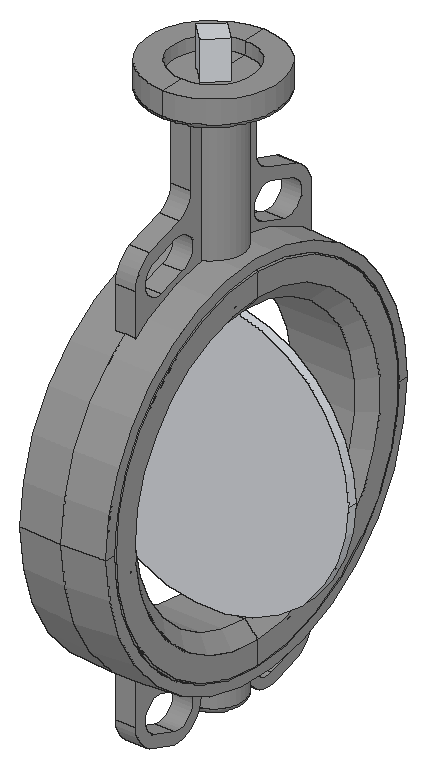
Revit family "Absperr- und Regulierklappe ZF-4219", category Rohrzubehör, Revit 2018
Family settings
  Bemaßung runder Anschluss = Durchmesser verwenden
  Teiletyp = Unterbricht
  Arbeitsebenenbasiert = Nein
  Immer vertikal = Ja
  Beim Laden mit Abzugskörper schneiden = Nein
  Gemeinsam genutzt = Nein
Parameters
  URL = "www.herz-armaturen.at"
  Spindel = "Edelstahl ASTM-A276 / Type 316"  # constant formula
  Schrauben PN16 [instance] = if(Nennweite = 50 mm, "4x M16x100", if(Nennweite = 65 mm, "4x M16x100", if(Nennweite = 80 mm, "8x M16x100", if(Nennweite = 100 mm, "8x M16x110", if(Nennweite = 125 mm, "8x M16x120", if(Nennweite = 150 mm, "8x M20x120", if(Nennweite = 200 mm, "12x M20x130", if(Nennweite = 250 mm, "12x M24x140", "12x M24x160"))))))))  # "12x M20x130"
  Schrauben PN 6 [instance] = if(Nennweite = 50 mm, "4x M12x100", if(Nennweite = 65 mm, "4x M12x100", if(Nennweite = 80 mm, "4x M16x100", if(Nennweite = 100 mm, "4x M16x100", if(Nennweite = 125 mm, "8x M16x110", if(Nennweite = 150 mm, "8x M16x110", if(Nennweite = 200 mm, "--", if(Nennweite = 250 mm, "12x M16x130", "12xM16x140"))))))))  # "--"
  Schrauben PN10 [instance] = if(Nennweite = 50 mm, "4x M16x100", if(Nennweite = 65 mm, "4x M16x100", if(Nennweite = 80 mm, "4x M16x100", if(Nennweite = 100 mm, "4x M16x110", if(Nennweite = 125 mm, "8x M16x120", if(Nennweite = 150 mm, "8x M20x120", if(Nennweite = 200 mm, "8x M20x130", if(Nennweite = 250 mm, "12x M20x130", "12x M20x150"))))))))  # "8x M20x130"
  SCTWSEQ = "FW;SBT_TYP_FW=\"101\";2"
  SCTWCODE = "04;07;02"  # constant formula
  SCRNSEQ = "ARM;ARM_TYP=\"ALLF\";2"
  SCRNCODE = "05;13;02"  # constant formula
  R_Dichtung = 1.5 mm  # constant formula
  PN16 [instance] = or(Nennweite = 50 mm, Nennweite = 65 mm, Nennweite = 80 mm, Nennweite = 100 mm, Nennweite = 125 mm, Nennweite = 150 mm, Nennweite = 200 mm, Nennweite = 250 mm, Nennweite = 300 mm)  # yes
  PN10 [instance] = or(Nennweite = 50 mm, Nennweite = 65 mm, Nennweite = 80 mm, Nennweite = 100 mm, Nennweite = 125 mm, Nennweite = 150 mm, Nennweite = 200 mm, Nennweite = 250 mm, Nennweite = 300 mm)  # yes
  PN 6 [instance] = or(Nennweite = 50 mm, Nennweite = 65 mm, Nennweite = 80 mm, Nennweite = 100 mm, Nennweite = 125 mm, Nennweite = 150 mm, Nennweite = 250 mm, Nennweite = 300 mm)  # no
  PN = 16  # constant formula
  O-Ring = "EPDM entsprechend ISO 1691"  # constant formula
  Nennweite [instance] = 200 mm
  Min. Betriebstemperatur = "-20.00 °C bei entsprechender Wasser-Glycolmischung"  # constant formula
  Medium = "Ethylen- und Propyleneglykol kann in einem Mischungsverhältnis zwischen 25 - 50 vol. [%] verwendet werden."
  Max. Betriebstemperatur = 110 °C  # constant formula
  LO1 [instance] = R05 + 10 mm  # 141 mm
  L16 [instance] = L01 - L13  # 236 mm
  L15 [instance] = L01 + L12  # 263 mm
  L14 [instance] = size_lookup("4219_ZF", "L_14", 44.4 mm, Nennweite)  # 61.5 mm
  L13 [instance] = size_lookup("4219_ZF", "L_13", 15 mm, Nennweite)  # 9 mm
  L12 [instance] = size_lookup("4219_ZF", "L_12", 15 mm, Nennweite)  # 18 mm
  L11 [instance] = size_lookup("4219_ZF", "L_11", 15 mm, Nennweite)  # 20 mm
  L10 [instance] = size_lookup("4219_ZF", "L_10", 16 mm, Nennweite)  # 16 mm
  L09 [instance] = size_lookup("4219_ZF", "L9", 29 mm, Nennweite)  # 44 mm
  L08 [instance] = size_lookup("4219_ZF", "L8", 43 mm, Nennweite)  # 60 mm
  L07 [instance] = size_lookup("4219_ZF", "L7", 3.5 mm, Nennweite)  # 4.5 mm
  L06 [instance] = size_lookup("4219_ZF", "L6", 18 mm, Nennweite)  # 32 mm
  L05 [instance] = size_lookup("4219_ZF", "L5", 35 mm, Nennweite)  # 50 mm
  L04 [instance] = size_lookup("4219_ZF", "L4", 35 mm, Nennweite)  # 17.5 mm
  L03 [instance] = size_lookup("4219_ZF", "L3", 35 mm, Nennweite)  # 152.5 mm
  L02 [instance] = size_lookup("4219_ZF", "L2", 35 mm, Nennweite)  # 109 mm
  L01 [instance] = size_lookup("4219_ZF", "L1", 35 mm, Nennweite)  # 245 mm
  Klappenscheibe = "Edelstahl 1.4408"  # constant formula
  Hersteller = "HERZ Armaturen Ges.m.b.H."  # constant formula
  Hebel DN 50-DN150 = "Stahl, ST14.03"  # constant formula
  Hebel DN200-300 = "Stahl, S235 DIN2458/1626"  # constant formula
  H [instance] = size_lookup("4219_ZF", "H1", 9 mm, Nennweite)  # 17 mm
  Gewicht in kg [instance] = size_lookup("4219_ZF", "M", 37.6, Nennweite)  # 16.6
  Gewicht [instance] = 0.00 kg
  Gehäuseauskleidung = "EPDM entsprechend ISO 1691"  # constant formula
  Gehäuse = "GG, GJL-250/JL1040, entsprechend EN1561"  # constant formula
  Einbaudatum [instance] = ""
  Drehmoment in Nm [instance] = size_lookup("4219_ZF", "NM", 350, Nennweite)  # 150
  DN300 [instance] = Nennweite = 300 mm  # no
  DN250 [instance] = Nennweite = 250 mm  # no
  DN200 [instance] = Nennweite = 200 mm  # yes
  DN150 [instance] = Nennweite = 150 mm  # no
  DN125 [instance] = Nennweite = 125 mm  # no
  DN100 [instance] = Nennweite = 100 mm  # no
  DN 80 [instance] = Nennweite = 80 mm  # no
  DN 65 [instance] = Nennweite = 65 mm  # no
  DN 50 [instance] = Nennweite = 50 mm  # no
  Chargennummer [instance] = ""
  BD [instance] = size_lookup("4219_ZF", "DB", 24 mm, Nennweite)  # 193.6 mm
  D09 [instance] = size_lookup("4219_ZF", "D9", 24 mm, Nennweite)  # 96.5 mm
  D08 [instance] = size_lookup("4219_ZF", "D8", 47 mm, Nennweite)  # 14 mm
  D07 [instance] = size_lookup("4219_ZF", "D7", 47 mm, Nennweite)  # 27.5 mm
  D06 [instance] = size_lookup("4219_ZF", "D6", 47 mm, Nennweite)  # 44 mm
  R05 [instance] = size_lookup("4219_ZF", "D5", 47 mm, Nennweite)  # 131 mm
  D05 [instance] = R05 * 2  # 262 mm
  D04 [instance] = size_lookup("4219_ZF", "D4", 41 mm, Nennweite)  # 124 mm
  D03 [instance] = size_lookup("4219_ZF", "D3", 35.5 mm, Nennweite)  # 116.5 mm
  R01 [instance] = size_lookup("4219_ZF", "D1", 28 mm, Nennweite)  # 103.5 mm
  R02 [instance] = size_lookup("4219_ZF", "D2", 30 mm, Nennweite)  # 105.5 mm
  Bestellnummer [instance] = size_lookup("4219_ZF", "Artnr", 1421901, Nennweite)  # 1421927
  Anwendungsgebiet = "Geeignet für Flüssigkeiten in der Haustechnik, Kaltwasser, Heißwasser, etc."
  Anschlussflansch = "entsprechend EN1092-2"  # constant formula
Reference planes
  plane 1 "Mitte (Vorne/hinten)": y = 0
  plane 2: z = 0
  plane 3 "Mitte (Links/rechts)": x = 0
Forms (mm)
  Revolve 1, solid, material "Herz-Metall-blau", detail levels fine
    sketch origin (0, 0, 0) x (1, 0, 0) y (0, 1, 0)
      loop
        line (0, 132.724) -> (-30, 131) -> (-30, 124) -> (-22, 124) -> (-22, 116.5) -> (-23.5, 116.5)
        arc (-23.5, 116.5) -> (-24.561, 116.061) -> (-25, 115) r 1.5
        line (-25, 115) -> (-25, 105.824)
        arc (-25, 105.824) -> (-24.729, 104.964) -> (-24.013, 104.415) r 1.5
        line (-24.013, 104.415) -> (-20.5, 103.5) -> (-16, 103.5) -> (-16, 105.5) -> (16, 105.5) -> (16, 103.5) -> (20.5, 103.5) -> (24.013, 104.415)
        arc (24.013, 104.415) -> (24.729, 104.964) -> (25, 105.824) r 1.5
        line (25, 105.824) -> (25, 115)
        arc (25, 115) -> (24.561, 116.061) -> (23.5, 116.5) r 1.5
        line (23.5, 116.5) -> (22, 116.5) -> (22, 124) -> (30, 124) -> (30, 131) -> (0, 132.724)
      axis (30, 0) -> (-30, 0)
    angle from 0 to 360
  Extrusion 2, solid, material "Herz-Metall-blau", visible <- "DN 50", detail levels fine
    sketch origin (0, 0, 0) x (0, 1, 0) y (0, 0, 1)
      loop
        line (20, 54.051) -> (20.008, 111.113) -> (16.897, 110.952)
        arc (16.897, 110.952) -> (15.55, 110.331) -> (15, 108.954) r 2
        line (15, 108.954) -> (15, 44.542)
        arc (15, 44.542) -> (31.465, 34.913) -> (42.748, 19.534) r 47
        arc (42.748, 19.534) -> (42.633, 20.873) -> (43.392, 21.983) r 2
        line (43.392, 21.983) -> (54.714, 30.209)
        arc (54.714, 30.209) -> (56.569, 56.569) -> (30.209, 54.714) r 17.5
        line (30.209, 54.714) -> (27.87, 51.494)
        arc (27.87, 51.494) -> (23.006, 49.914) -> (20, 54.051) r 4.35
      loop
        arc (32.065, 41.998) -> (33.588, 33.588) -> (41.998, 32.065) r 7.5
        line (41.998, 32.065) -> (48.502, 35.17)
        arc (48.502, 35.17) -> (51.265, 51.265) -> (35.17, 48.502) r 10
        line (35.17, 48.502) -> (32.065, 41.998)
      loop
        arc (-20, 54.051) -> (-23.006, 49.914) -> (-27.87, 51.494) r 4.35
        line (-27.87, 51.494) -> (-30.209, 54.714)
        arc (-30.209, 54.714) -> (-56.569, 56.569) -> (-54.714, 30.209) r 17.5
        line (-54.714, 30.209) -> (-43.392, 21.983)
        arc (-43.392, 21.983) -> (-42.633, 20.873) -> (-42.748, 19.534) r 2
        arc (-42.748, 19.534) -> (-31.465, 34.913) -> (-15, 44.542) r 47
        line (-15, 44.542) -> (-15, 108.954)
        arc (-15, 108.954) -> (-15.55, 110.331) -> (-16.897, 110.952) r 2
        line (-16.897, 110.952) -> (-20.008, 111.113) -> (-20, 54.051)
      loop
        line (-32.065, 41.998) -> (-35.17, 48.502)
        arc (-35.17, 48.502) -> (-51.265, 51.265) -> (-48.502, 35.17) r 10
        line (-48.502, 35.17) -> (-41.998, 32.065)
        arc (-41.998, 32.065) -> (-33.588, 33.588) -> (-32.065, 41.998) r 7.5
      loop
        line (32.065, -41.998) -> (35.17, -48.502)
        arc (35.17, -48.502) -> (51.265, -51.265) -> (48.502, -35.17) r 10
        line (48.502, -35.17) -> (41.998, -32.065)
        arc (41.998, -32.065) -> (33.588, -33.588) -> (32.065, -41.998) r 7.5
      loop
        line (54.714, -30.209) -> (43.392, -21.983)
        arc (43.392, -21.983) -> (42.633, -20.873) -> (42.748, -19.534) r 2
        arc (42.748, -19.534) -> (33.234, -33.234) -> (19.534, -42.748) r 47
        arc (19.534, -42.748) -> (20.873, -42.633) -> (21.983, -43.392) r 2
        line (21.983, -43.392) -> (30.209, -54.714)
        arc (30.209, -54.714) -> (56.569, -56.569) -> (54.714, -30.209) r 17.5
      loop
        arc (-32.065, -41.998) -> (-33.588, -33.588) -> (-41.998, -32.065) r 7.5
        line (-41.998, -32.065) -> (-48.502, -35.17)
        arc (-48.502, -35.17) -> (-51.265, -51.265) -> (-35.17, -48.502) r 10
        line (-35.17, -48.502) -> (-32.065, -41.998)
      loop
        arc (-54.714, -30.209) -> (-56.569, -56.569) -> (-30.209, -54.714) r 17.5
        line (-30.209, -54.714) -> (-21.983, -43.392)
        arc (-21.983, -43.392) -> (-20.873, -42.633) -> (-19.534, -42.748) r 2
        arc (-19.534, -42.748) -> (-33.234, -33.234) -> (-42.748, -19.534) r 47
        arc (-42.748, -19.534) -> (-42.633, -20.873) -> (-43.392, -21.983) r 2
        line (-43.392, -21.983) -> (-54.714, -30.209)
    from -4.5 to 4.5
  Extrusion 3, solid, material "Herz-Metall-blau", visible <- "DN 65", detail levels fine
    sketch origin (0, 0, 0) x (0, 1, 0) y (0, 0, 1)
      loop
        arc (51.659, 21.619) -> (51.541, 22.778) -> (52.089, 23.805) r 2
        line (52.089, 23.805) -> (65.407, 37.123)
        arc (65.407, 37.123) -> (65.407, 65.407) -> (37.123, 65.407) r 20
        line (37.123, 65.407) -> (29.414, 57.699)
        arc (29.414, 57.699) -> (27.235, 57.265) -> (26, 59.113) r 2
        line (26, 59.113) -> (26, 136.154) -> (19.897, 135.838)
        arc (19.897, 135.838) -> (18.55, 135.218) -> (18, 133.841) r 2
        line (18, 133.841) -> (18, 53.028)
        arc (18, 53.028) -> (38.206, 40.942) -> (51.659, 21.619) r 56
      loop
        arc (55.637, 42.831) -> (57.983, 57.983) -> (42.831, 55.637) r 9.5
        line (42.831, 55.637) -> (39.647, 48.983)
        arc (39.647, 48.983) -> (41.012, 41.012) -> (48.983, 39.647) r 7
        line (48.983, 39.647) -> (55.637, 42.831)
      loop
        arc (51.659, -21.619) -> (39.598, -39.598) -> (21.619, -51.659) r 56
        arc (21.619, -51.659) -> (22.778, -51.541) -> (23.805, -52.089) r 2
        line (23.805, -52.089) -> (37.123, -65.407)
        arc (37.123, -65.407) -> (65.407, -65.407) -> (65.407, -37.123) r 20
        line (65.407, -37.123) -> (52.089, -23.805)
        arc (52.089, -23.805) -> (51.541, -22.778) -> (51.659, -21.619) r 2
      loop
        line (55.637, -42.831) -> (48.983, -39.647)
        arc (48.983, -39.647) -> (41.012, -41.012) -> (39.647, -48.983) r 7
        line (39.647, -48.983) -> (42.831, -55.637)
        arc (42.831, -55.637) -> (57.983, -57.983) -> (55.637, -42.831) r 9.5
      loop
        arc (-51.659, -21.619) -> (-51.541, -22.778) -> (-52.089, -23.805) r 2
        line (-52.089, -23.805) -> (-65.407, -37.123)
        arc (-65.407, -37.123) -> (-65.407, -65.407) -> (-37.123, -65.407) r 20
        line (-37.123, -65.407) -> (-23.805, -52.089)
        arc (-23.805, -52.089) -> (-22.778, -51.541) -> (-21.619, -51.659) r 2
        arc (-21.619, -51.659) -> (-39.598, -39.598) -> (-51.659, -21.619) r 56
      loop
        arc (-55.637, -42.831) -> (-57.983, -57.983) -> (-42.831, -55.637) r 9.5
        line (-42.831, -55.637) -> (-39.647, -48.983)
        arc (-39.647, -48.983) -> (-41.012, -41.012) -> (-48.983, -39.647) r 7
        line (-48.983, -39.647) -> (-55.637, -42.831)
      loop
        arc (-51.659, 21.619) -> (-38.206, 40.942) -> (-18, 53.028) r 56
        line (-18, 53.028) -> (-18, 133.838)
        arc (-18, 133.838) -> (-18.55, 135.215) -> (-19.897, 135.835) r 2
        line (-19.897, 135.835) -> (-26, 136.151) -> (-26, 59.113)
        arc (-26, 59.113) -> (-27.235, 57.265) -> (-29.414, 57.699) r 2
        line (-29.414, 57.699) -> (-37.123, 65.407)
        arc (-37.123, 65.407) -> (-65.407, 65.407) -> (-65.407, 37.123) r 20
        line (-65.407, 37.123) -> (-52.089, 23.805)
        arc (-52.089, 23.805) -> (-51.541, 22.778) -> (-51.659, 21.619) r 2
      loop
        line (-55.637, 42.831) -> (-48.983, 39.647)
        arc (-48.983, 39.647) -> (-41.012, 41.012) -> (-39.647, 48.983) r 7
        line (-39.647, 48.983) -> (-42.831, 55.637)
        arc (-42.831, 55.637) -> (-57.983, 57.983) -> (-55.637, 42.831) r 9.5
    from -4.5 to 4.5
  Extrusion 4, solid, material "Herz-Metall-blau", visible <- "DN 80", detail levels fine
    sketch origin (0, 0, 0) x (0, 1, 0) y (0, 0, 1)
      loop
        line (26, 143.161) -> (20.397, 142.871)
        arc (20.397, 142.871) -> (19.05, 142.251) -> (18.5, 140.874) r 2
        line (18.5, 140.874) -> (18.5, 62.833)
        arc (18.5, 62.833) -> (41.296, 50.842) -> (57.706, 30.989) r 65.5
        arc (57.706, 30.989) -> (57.482, 32.176) -> (57.983, 33.275) r 2
        line (57.983, 33.275) -> (67.23, 43.52)
        arc (67.23, 43.52) -> (70.328, 54.798) -> (65.407, 65.407) r 17
        line (65.407, 65.407) -> (42.005, 86.53)
        arc (42.005, 86.53) -> (37.832, 89.302) -> (33.031, 90.738) r 17
        arc (33.031, 90.738) -> (27.974, 93.895) -> (26, 99.52) r 9
        line (26, 99.52) -> (26, 143.161)
      loop
        circle (30.615, 73.91) r 9.5
      loop
        circle (53.387, 53.387) r 9.5
      loop
        arc (57.706, -30.989) -> (41.296, -50.842) -> (18.5, -62.833) r 65.5
        line (18.5, -62.833) -> (18.5, -85.837)
        arc (18.5, -85.837) -> (30.113, -90.903) -> (42.005, -86.53) r 17
        line (42.005, -86.53) -> (65.407, -65.407)
        arc (65.407, -65.407) -> (70.328, -54.798) -> (67.23, -43.52) r 17
        line (67.23, -43.52) -> (57.983, -33.275)
        arc (57.983, -33.275) -> (57.482, -32.176) -> (57.706, -30.989) r 2
      loop
        circle (30.615, -73.91) r 9.5
      loop
        circle (53.387, -53.387) r 9.5
      loop
        arc (-57.706, -30.989) -> (-57.482, -32.176) -> (-57.983, -33.275) r 2
        line (-57.983, -33.275) -> (-67.23, -43.52)
        arc (-67.23, -43.52) -> (-70.328, -54.798) -> (-65.407, -65.407) r 17
        line (-65.407, -65.407) -> (-42.005, -86.53)
        arc (-42.005, -86.53) -> (-30.113, -90.903) -> (-18.5, -85.837) r 17
        line (-18.5, -85.837) -> (-18.5, -62.833)
        arc (-18.5, -62.833) -> (-41.296, -50.842) -> (-57.706, -30.989) r 65.5
      loop
        circle (-30.615, -73.91) r 9.5
      loop
        circle (-53.387, -53.387) r 9.5
      loop
        line (-26, 143.179) -> (-26, 99.52)
        arc (-26, 99.52) -> (-27.974, 93.895) -> (-33.031, 90.738) r 9
        arc (-33.031, 90.738) -> (-37.832, 89.302) -> (-42.005, 86.53) r 17
        line (-42.005, 86.53) -> (-65.407, 65.407)
        arc (-65.407, 65.407) -> (-70.328, 54.798) -> (-67.23, 43.52) r 17
        line (-67.23, 43.52) -> (-57.983, 33.275)
        arc (-57.983, 33.275) -> (-57.482, 32.176) -> (-57.706, 30.989) r 2
        arc (-57.706, 30.989) -> (-41.296, 50.842) -> (-18.5, 62.833) r 65.5
        line (-18.5, 62.833) -> (-18.5, 140.891)
        arc (-18.5, 140.891) -> (-19.05, 142.268) -> (-20.397, 142.888) r 2
        line (-20.397, 142.888) -> (-26, 143.179)
      loop
        circle (-30.615, 73.91) r 9.5
      loop
        circle (-53.387, 53.387) r 9.5
    from -4.5 to 4.5
  Extrusion 5, solid, material "Herz-Metall-blau", visible <- "DN100", detail levels fine
    sketch origin (0, 0, 0) x (0, 1, 0) y (0, 0, 1)
      loop
        line (64.131, 38.887) -> (73.681, 49.873)
        arc (73.681, 49.873) -> (77.063, 61.29) -> (72.125, 72.125) r 17
        line (72.125, 72.125) -> (45.809, 95.79)
        arc (45.809, 95.79) -> (41.366, 98.675) -> (36.25, 100.053) r 17
        arc (36.25, 100.053) -> (28.882, 104.596) -> (26, 112.759) r 13
        line (26, 112.759) -> (26, 166.173) -> (20.397, 165.883)
        arc (20.397, 165.883) -> (19.05, 165.263) -> (18.5, 163.886) r 2
        line (18.5, 163.886) -> (18.5, 72.683)
        arc (18.5, 72.683) -> (44.637, 60.27) -> (64.131, 38.887) r 75
      loop
        circle (60.104, 60.104) r 9.5
      loop
        circle (34.442, 83.149) r 9.5
      loop
        arc (64.131, -38.887) -> (44.637, -60.27) -> (18.5, -72.683) r 75
        line (18.5, -72.683) -> (18.5, -95.329)
        arc (18.5, -95.329) -> (21.473, -95.603) -> (24.233, -96.743) r 10
        arc (24.233, -96.743) -> (35.191, -100.133) -> (45.809, -95.79) r 17
        line (45.809, -95.79) -> (72.125, -72.125)
        arc (72.125, -72.125) -> (77.063, -61.29) -> (73.681, -49.873) r 17
        line (73.681, -49.873) -> (64.131, -38.887)
      loop
        circle (60.104, -60.104) r 9.5
      loop
        circle (34.442, -83.149) r 9.5
      loop
        line (-64.131, -38.887) -> (-73.681, -49.873)
        arc (-73.681, -49.873) -> (-77.063, -61.29) -> (-72.125, -72.125) r 17
        line (-72.125, -72.125) -> (-45.809, -95.79)
        arc (-45.809, -95.79) -> (-35.191, -100.133) -> (-24.233, -96.743) r 17
        arc (-24.233, -96.743) -> (-21.473, -95.603) -> (-18.5, -95.329) r 10
        line (-18.5, -95.329) -> (-18.5, -72.683)
        arc (-18.5, -72.683) -> (-44.637, -60.27) -> (-64.131, -38.887) r 75
      loop
        circle (-60.104, -60.104) r 9.5
      loop
        circle (-34.442, -83.149) r 9.5
      loop
        arc (-64.131, 38.887) -> (-44.637, 60.27) -> (-18.5, 72.683) r 75
        line (-18.5, 72.683) -> (-18.5, 163.876)
        arc (-18.5, 163.876) -> (-19.05, 165.253) -> (-20.397, 165.873) r 2
        line (-20.397, 165.873) -> (-26, 166.164) -> (-26, 112.759)
        arc (-26, 112.759) -> (-28.882, 104.596) -> (-36.25, 100.053) r 13
        arc (-36.25, 100.053) -> (-41.366, 98.675) -> (-45.809, 95.79) r 17
        line (-45.809, 95.79) -> (-72.125, 72.125)
        arc (-72.125, 72.125) -> (-77.063, 61.29) -> (-73.681, 49.873) r 17
        line (-73.681, 49.873) -> (-64.131, 38.887)
      loop
        circle (-60.104, 60.104) r 9.5
      loop
        circle (-34.442, 83.149) r 9.5
    from -4.5 to 4.5
  Extrusion 6, solid, material "Herz-Metall-blau", visible <- "DN125", detail levels fine
    sketch origin (0, 0, 0) x (0, 1, 0) y (0, 0, 1)
      loop
        arc (75.229, 48.945) -> (74.917, 50.244) -> (75.492, 51.45) r 2
        line (75.492, 51.45) -> (82.731, 58.69)
        arc (82.731, 58.69) -> (87.711, 70.711) -> (82.731, 82.731) r 17
        line (82.731, 82.731) -> (51.291, 109.875)
        arc (51.291, 109.875) -> (46.108, 112.941) -> (40.182, 114.007) r 17
        line (40.182, 114.007) -> (38, 114.007)
        arc (38, 114.007) -> (29.515, 117.522) -> (26, 126.007) r 12
        line (26, 126.007) -> (26, 185.157) -> (20.397, 184.867)
        arc (20.397, 184.867) -> (19.05, 184.246) -> (18.5, 182.869) r 2
        line (18.5, 182.869) -> (18.5, 87.823)
        arc (18.5, 87.823) -> (50.736, 74.033) -> (75.229, 48.945) r 89.75
      loop
        circle (40.182, 97.007) r 9.5
      loop
        circle (70.711, 70.711) r 9.5
      loop
        arc (75.229, -48.945) -> (50.736, -74.033) -> (18.5, -87.823) r 89.75
        line (18.5, -87.823) -> (18.5, -108.431)
        arc (18.5, -108.431) -> (24.248, -107.655) -> (29.46, -110.2) r 10
        arc (29.46, -110.2) -> (40.434, -114.005) -> (51.291, -109.875) r 17
        line (51.291, -109.875) -> (82.731, -82.731)
        arc (82.731, -82.731) -> (87.711, -70.711) -> (82.731, -58.69) r 17
        line (82.731, -58.69) -> (75.492, -51.45)
        arc (75.492, -51.45) -> (74.917, -50.244) -> (75.229, -48.945) r 2
      loop
        circle (40.182, -97.007) r 9.5
      loop
        circle (70.711, -70.711) r 9.5
      loop
        arc (-75.229, -48.945) -> (-74.917, -50.244) -> (-75.492, -51.45) r 2
        line (-75.492, -51.45) -> (-82.731, -58.69)
        arc (-82.731, -58.69) -> (-87.711, -70.711) -> (-82.731, -82.731) r 17
        line (-82.731, -82.731) -> (-51.291, -109.875)
        arc (-51.291, -109.875) -> (-40.434, -114.005) -> (-29.46, -110.2) r 17
        arc (-29.46, -110.2) -> (-24.248, -107.655) -> (-18.5, -108.431) r 10
        line (-18.5, -108.431) -> (-18.5, -87.823)
        arc (-18.5, -87.823) -> (-50.736, -74.033) -> (-75.229, -48.945) r 89.75
      loop
        circle (-40.182, -97.007) r 9.5
      loop
        circle (-70.711, -70.711) r 9.5
      loop
        arc (-75.229, 48.945) -> (-50.736, 74.033) -> (-18.5, 87.823) r 89.75
        line (-18.5, 87.823) -> (-18.5, 182.852)
        arc (-18.5, 182.852) -> (-19.05, 184.23) -> (-20.397, 184.85) r 2
        line (-20.397, 184.85) -> (-26, 185.14) -> (-26, 126.007)
        arc (-26, 126.007) -> (-29.515, 117.522) -> (-38, 114.007) r 12
        line (-38, 114.007) -> (-40.182, 114.007)
        arc (-40.182, 114.007) -> (-46.108, 112.941) -> (-51.291, 109.875) r 17
        line (-51.291, 109.875) -> (-82.731, 82.731)
        arc (-82.731, 82.731) -> (-87.711, 70.711) -> (-82.731, 58.69) r 17
        line (-82.731, 58.69) -> (-75.492, 51.45)
        arc (-75.492, 51.45) -> (-74.917, 50.244) -> (-75.229, 48.945) r 2
      loop
        circle (-40.182, 97.007) r 9.5
      loop
        circle (-70.711, 70.711) r 9.5
    from -6 to 6
  Extrusion 7, solid, material "Herz-Metall-blau", visible <- "DN150", detail levels fine
    sketch origin (0, 0, 0) x (0, 1, 0) y (0, 0, 1)
      loop
        line (83.495, 59.454) -> (91.57, 67.529)
        arc (91.57, 67.529) -> (96.55, 79.55) -> (91.57, 91.57) r 17
        line (91.57, 91.57) -> (57.511, 123.304)
        arc (57.511, 123.304) -> (45.758, 127.865) -> (34.095, 123.077) r 17
        arc (34.095, 123.077) -> (28.976, 122.416) -> (26, 126.633) r 5
        line (26, 126.633) -> (26, 198.177) -> (20.397, 197.887)
        arc (20.397, 197.887) -> (19.05, 197.267) -> (18.5, 195.889) r 2
        line (18.5, 195.889) -> (18.5, 100.817)
        arc (18.5, 100.817) -> (55.032, 86.474) -> (83.495, 59.454) r 102.5
      loop
        circle (45.922, 110.866) r 11.5
      loop
        circle (79.55, 79.55) r 9.5
      loop
        circle (45.922, -110.866) r 11.5
      loop
        circle (79.55, -79.55) r 9.5
      loop
        line (91.57, -67.529) -> (83.495, -59.454)
        arc (83.495, -59.454) -> (55.032, -86.474) -> (18.5, -100.817) r 102.5
        line (18.5, -100.817) -> (18.5, -123.208)
        arc (18.5, -123.208) -> (19.363, -121.755) -> (21.03, -121.482) r 2
        line (21.03, -121.482) -> (42.642, -127.546)
        arc (42.642, -127.546) -> (50.587, -127.213) -> (57.511, -123.304) r 17
        line (57.511, -123.304) -> (91.57, -91.57)
        arc (91.57, -91.57) -> (96.55, -79.55) -> (91.57, -67.529) r 17
      loop
        arc (-83.495, 59.454) -> (-55.032, 86.474) -> (-18.5, 100.817) r 102.5
        line (-18.5, 100.817) -> (-18.5, 195.875)
        arc (-18.5, 195.875) -> (-19.05, 197.252) -> (-20.397, 197.872) r 2
        line (-20.397, 197.872) -> (-26, 198.163) -> (-26, 126.633)
        arc (-26, 126.633) -> (-28.976, 122.416) -> (-34.095, 123.077) r 5
        arc (-34.095, 123.077) -> (-45.758, 127.865) -> (-57.511, 123.304) r 17
        line (-57.511, 123.304) -> (-91.57, 91.57)
        arc (-91.57, 91.57) -> (-96.55, 79.55) -> (-91.57, 67.529) r 17
        line (-91.57, 67.529) -> (-83.495, 59.454)
      loop
        circle (-45.922, 110.866) r 11.5
      loop
        circle (-79.55, 79.55) r 9.5
      loop
        circle (-45.922, -110.866) r 11.5
      loop
        circle (-79.55, -79.55) r 9.5
      loop
        arc (-91.57, -67.529) -> (-96.55, -79.55) -> (-91.57, -91.57) r 17
        line (-91.57, -91.57) -> (-57.511, -123.304)
        arc (-57.511, -123.304) -> (-50.587, -127.213) -> (-42.642, -127.546) r 17
        line (-42.642, -127.546) -> (-21.03, -121.482)
        arc (-21.03, -121.482) -> (-19.363, -121.755) -> (-18.5, -123.208) r 2
        line (-18.5, -123.208) -> (-18.5, -100.817)
        arc (-18.5, -100.817) -> (-55.032, -86.474) -> (-83.495, -59.454) r 102.5
        line (-83.495, -59.454) -> (-91.57, -67.529)
    from -7 to 7
  Extrusion 8, solid, material "Herz-Metall-blau", visible <- "DN200", detail levels fine
    sketch origin (0, 0, 0) x (0, 1, 0) y (0, 0, 1)
      loop
        arc (42.048, 153.832) -> (26.654, 145.827) -> (35.349, 130.812) r 12
        line (35.349, 130.812) -> (53.31, 124.689)
        arc (53.31, 124.689) -> (67.804, 132.4) -> (61.038, 147.359) r 12
        line (61.038, 147.359) -> (42.048, 153.832)
      loop
        line (28, 226.273) -> (22.065, 226.047)
        arc (22.065, 226.047) -> (20.655, 225.469) -> (20, 224.092) r 2.114
        line (20, 224.092) -> (20, 129.471)
        arc (20, 129.471) -> (49.604, 121.273) -> (76.485, 106.406) r 130.989
        line (76.485, 106.406) -> (76.485, 136.265)
        arc (76.485, 136.265) -> (73.108, 147.391) -> (64.117, 154.764) r 20.019
        line (64.117, 154.764) -> (38.16, 163.592)
        arc (38.16, 163.592) -> (30.802, 169.06) -> (28, 177.79) r 15
        line (28, 177.79) -> (28, 226.273)
      loop
        line (42.048, -153.832) -> (61.038, -147.359)
        arc (61.038, -147.359) -> (67.804, -132.4) -> (53.31, -124.689) r 12
        line (53.31, -124.689) -> (35.349, -130.812)
        arc (35.349, -130.812) -> (26.654, -145.827) -> (42.048, -153.832) r 12
      loop
        arc (76.446, -106.382) -> (49.585, -121.253) -> (20, -129.464) r 131
        line (20, -129.464) -> (20, -141.835)
        arc (20, -141.835) -> (28.361, -158.099) -> (46.453, -160.765) r 20
        line (46.453, -160.765) -> (64.099, -154.75)
        arc (64.099, -154.75) -> (73.075, -147.384) -> (76.446, -136.272) r 20
        line (76.446, -136.272) -> (76.446, -106.382)
      loop
        arc (-42.048, -153.832) -> (-26.654, -145.827) -> (-35.349, -130.812) r 12
        line (-35.349, -130.812) -> (-53.31, -124.689)
        arc (-53.31, -124.689) -> (-67.804, -132.4) -> (-61.038, -147.359) r 12
        line (-61.038, -147.359) -> (-42.048, -153.832)
      loop
        line (-76.446, -106.382) -> (-76.446, -136.272)
        arc (-76.446, -136.272) -> (-73.075, -147.384) -> (-64.099, -154.75) r 20
        line (-64.099, -154.75) -> (-46.453, -160.765)
        arc (-46.453, -160.765) -> (-28.361, -158.099) -> (-20, -141.835) r 20
        line (-20, -141.835) -> (-20, -129.464)
        arc (-20, -129.464) -> (-49.585, -121.253) -> (-76.446, -106.382) r 131
      loop
        line (-42.048, 153.832) -> (-61.038, 147.359)
        arc (-61.038, 147.359) -> (-67.804, 132.4) -> (-53.31, 124.689) r 12
        line (-53.31, 124.689) -> (-35.349, 130.812)
        arc (-35.349, 130.812) -> (-26.654, 145.827) -> (-42.048, 153.832) r 12
      loop
        line (-28, 226.278) -> (-28, 177.79)
        arc (-28, 177.79) -> (-30.802, 169.06) -> (-38.16, 163.592) r 15
        line (-38.16, 163.592) -> (-64.117, 154.764)
        arc (-64.117, 154.764) -> (-73.108, 147.391) -> (-76.485, 136.265) r 20.019
        line (-76.485, 136.265) -> (-76.485, 106.406)
        arc (-76.485, 106.406) -> (-49.604, 121.273) -> (-20, 129.471) r 130.989
        line (-20, 129.471) -> (-20, 224.098)
        arc (-20, 224.098) -> (-20.655, 225.475) -> (-22.065, 226.053) r 2.114
        line (-22.065, 226.053) -> (-28, 226.278)
    from -7 to 7
  Extrusion 9, solid, material "Herz-Metall-blau", visible <- "DN250", detail levels fine
    sketch origin (0, 0, 0) x (0, 1, 0) y (0, 0, 1)
      loop
        arc (-95.9, 125.382) -> (-61.406, 145.382) -> (-23, 156.095) r 157.75
        line (-23, 156.095) -> (-23, 258.814)
        arc (-23, 258.814) -> (-23.588, 260.113) -> (-24.893, 260.69) r 2
        line (-24.893, 260.69) -> (-32, 261.058) -> (-32, 187.712)
        arc (-32, 187.712) -> (-33.507, 185.205) -> (-36.428, 185.359) r 2.84
        arc (-36.428, 185.359) -> (-43.951, 188.152) -> (-51.918, 187.184) r 17
        line (-51.918, 187.184) -> (-97.072, 155.872)
        arc (-97.072, 155.872) -> (-100.207, 149.167) -> (-100.195, 141.765) r 17
        line (-100.195, 141.765) -> (-95.9, 125.382)
      loop
        circle (-83.608, 145.492) r 9.5
      loop
        circle (-45.549, 171.269) r 14
      loop
        arc (96.192, -125.349) -> (61.575, -145.51) -> (23, -156.317) r 157.999
        line (23, -156.317) -> (23, -181.388) -> (27.217, -181.388)
        arc (27.217, -181.388) -> (30.142, -181.826) -> (32.812, -183.1) r 10
        line (32.812, -183.1) -> (36.428, -185.542)
        arc (36.428, -185.542) -> (44.468, -188.388) -> (52.878, -186.972) r 17
        line (52.878, -186.972) -> (97.463, -155.872)
        arc (97.463, -155.872) -> (100.598, -149.167) -> (100.586, -141.765) r 17
        line (100.586, -141.765) -> (96.192, -125.349)
      loop
        circle (84, -145.492) r 9.5
      loop
        circle (45.94, -171.452) r 14
      loop
        line (-96.192, -125.349) -> (-100.586, -141.765)
        arc (-100.586, -141.765) -> (-100.598, -149.167) -> (-97.463, -155.872) r 17
        line (-97.463, -155.872) -> (-52.878, -186.972)
        arc (-52.878, -186.972) -> (-44.468, -188.388) -> (-36.428, -185.542) r 17
        line (-36.428, -185.542) -> (-32.812, -183.1)
        arc (-32.812, -183.1) -> (-30.142, -181.826) -> (-27.217, -181.388) r 10
        line (-27.217, -181.388) -> (-23, -181.388) -> (-23, -156.317)
        arc (-23, -156.317) -> (-61.575, -145.51) -> (-96.192, -125.349) r 157.999
      loop
        circle (-84, -145.492) r 9.5
      loop
        circle (-45.94, -171.452) r 14
      loop
        line (95.9, 125.2) -> (100.195, 141.582)
        arc (100.195, 141.582) -> (100.207, 148.984) -> (97.072, 155.689) r 17
        line (97.072, 155.689) -> (51.919, 187.036)
        arc (51.919, 187.036) -> (43.952, 188.006) -> (36.428, 185.212) r 17
        arc (36.428, 185.212) -> (33.507, 185.058) -> (32, 187.566) r 2.84
        line (32, 187.566) -> (32, 261.045) -> (24.893, 260.677)
        arc (24.893, 260.677) -> (23.588, 260.1) -> (23, 258.801) r 2
        line (23, 258.801) -> (23, 155.948)
        arc (23, 155.948) -> (61.411, 145.223) -> (95.9, 125.2) r 157.605
      loop
        circle (83.608, 145.31) r 9.5
      loop
        circle (45.549, 171.122) r 14
    from -9 to 9
  Extrusion 10, solid, material "Herz-Metall-blau", visible <- "DN300", detail levels fine
    sketch origin (0, 0, 0) x (0, 1, 0) y (0, 0, 1)
      loop
        arc (62.57, 187.834) -> (56.268, 211.23) -> (39.112, 194.12) r 14
        line (39.112, 194.12) -> (40.223, 189.928)
        arc (40.223, 189.928) -> (48.374, 181.769) -> (59.504, 184.767) r 11.5
        line (59.504, 184.767) -> (62.57, 187.834)
      loop
        circle (98.337, 170.892) r 12
      loop
        arc (113.094, 162.454) -> (114.748, 175.326) -> (106.837, 185.615) r 17
        line (106.837, 185.615) -> (61.701, 211.919)
        arc (61.701, 211.919) -> (54.44, 214.463) -> (46.806, 213.516) r 16.852
        arc (46.806, 213.516) -> (36.904, 213.681) -> (32, 222.285) r 10
        line (32, 222.285) -> (32, 286.38) -> (24.895, 286.033)
        arc (24.895, 286.033) -> (23.576, 285.442) -> (23, 284.117) r 2
        line (23, 284.117) -> (23, 181.202)
        arc (23, 181.202) -> (65.613, 170.505) -> (104.437, 149.94) r 182.63
        line (104.437, 149.94) -> (113.094, 162.454)
      loop
        line (62.984, -188.142) -> (59.917, -185.075)
        arc (59.917, -185.075) -> (48.787, -182.077) -> (40.637, -190.235) r 11.5
        line (40.637, -190.235) -> (39.525, -194.427)
        arc (39.525, -194.427) -> (56.681, -211.538) -> (62.984, -188.142) r 14
      loop
        circle (98.75, -171.04) r 12
      loop
        line (113.508, -162.601) -> (104.75, -150.055)
        arc (104.75, -150.055) -> (65.787, -170.766) -> (23, -181.549) r 183
        line (23, -181.549) -> (23, -206.327)
        arc (23, -206.327) -> (24.157, -204.218) -> (26.558, -204.062) r 2.5
        line (26.558, -204.062) -> (45.918, -213.443)
        arc (45.918, -213.443) -> (53.906, -214.994) -> (61.701, -212.654) r 17
        line (61.701, -212.654) -> (107.25, -185.762)
        arc (107.25, -185.762) -> (115.162, -175.474) -> (113.508, -162.601) r 17
      loop
        arc (-62.984, -188.142) -> (-56.681, -211.538) -> (-39.525, -194.427) r 14
        line (-39.525, -194.427) -> (-40.637, -190.235)
        arc (-40.637, -190.235) -> (-48.787, -182.077) -> (-59.917, -185.075) r 11.5
        line (-59.917, -185.075) -> (-62.984, -188.142)
      loop
        circle (-98.75, -171.04) r 12
      loop
        arc (-113.508, -162.601) -> (-115.162, -175.474) -> (-107.25, -185.762) r 17
        line (-107.25, -185.762) -> (-61.701, -212.654)
        arc (-61.701, -212.654) -> (-53.906, -214.994) -> (-45.918, -213.443) r 17
        line (-45.918, -213.443) -> (-26.558, -204.062)
        arc (-26.558, -204.062) -> (-24.157, -204.218) -> (-23, -206.327) r 2.5
        line (-23, -206.327) -> (-23, -181.549)
        arc (-23, -181.549) -> (-65.787, -170.766) -> (-104.75, -150.055) r 183
        line (-104.75, -150.055) -> (-113.508, -162.601)
      loop
        line (-62.574, 188.142) -> (-59.508, 185.075)
        arc (-59.508, 185.075) -> (-48.378, 182.077) -> (-40.227, 190.235) r 11.5
        line (-40.227, 190.235) -> (-39.116, 194.427)
        arc (-39.116, 194.427) -> (-56.272, 211.538) -> (-62.574, 188.142) r 14
      loop
        circle (-98.34, 171.04) r 12
      loop
        line (-113.098, 162.601) -> (-104.44, 150.087)
        arc (-104.44, 150.087) -> (-65.611, 170.637) -> (-23, 181.326) r 182.753
        line (-23, 181.326) -> (-23, 284.115)
        arc (-23, 284.115) -> (-23.577, 285.441) -> (-24.896, 286.032) r 2
        line (-24.896, 286.032) -> (-32, 286.379) -> (-32, 222.593)
        arc (-32, 222.593) -> (-37.217, 213.811) -> (-47.425, 214.193) r 10
        arc (-47.425, 214.193) -> (-54.523, 214.911) -> (-61.291, 212.654) r 17
        line (-61.291, 212.654) -> (-106.84, 185.762)
        arc (-106.84, 185.762) -> (-114.752, 175.474) -> (-113.098, 162.601) r 17
    from -9 to 9
  Revolve 11, solid, material "Herz-Metall-blau"
    sketch origin (0, 0, 0) x (0, 1, 0) y (0, 0, 1)
      loop
        line (0, -131) -> (0, -152.5) -> (17, -152.5)
        arc (17, -152.5) -> (19.121, -151.621) -> (20, -149.5) r 3
        line (20, -149.5) -> (20, -129.464)
        arc (20, -129.464) -> (10.029, -130.616) -> (0, -131) r 131
      axis (0, -129.464) -> (0, -152.5)
    angle from 0 to 360
  Revolve 12, solid, material "Herz-Metall-blau"
    sketch origin (0, 0, 0) x (0, 1, 0) y (0, 0, 1)
      loop
        line (0, 236) -> (0, 131)
        arc (0, 131) -> (10.029, 130.616) -> (20, 129.464) r 131
        line (20, 129.464) -> (20, 223.944)
        arc (20, 223.944) -> (20.549, 225.32) -> (21.895, 225.941) r 2
        line (21.895, 225.941) -> (42.105, 227)
        arc (42.105, 227) -> (43.451, 227.621) -> (44, 228.997) r 2
        line (44, 228.997) -> (44, 245) -> (27.5, 245) -> (27.5, 236) -> (0, 236)
      axis (0, 245) -> (0, 129.464)
    angle from 0 to 360
  Revolve 13, solid, material "Gummi"
    sketch origin (0, 0, 0) x (1, 0, 0) y (0, 0, 1)
      loop
        arc (-29.258, 124) -> (-30.313, 123.563) -> (-30.75, 122.508) r 1.492
        line (-30.75, 122.508) -> (-30.75, 105.718) -> (-22, 96.5) -> (22, 96.5) -> (30.75, 106.945) -> (30.75, 123)
        arc (30.75, 123) -> (30.457, 123.707) -> (29.75, 124) r 1
        line (29.75, 124) -> (22, 124) -> (22, 116.5) -> (23.5, 116.5)
        arc (23.5, 116.5) -> (24.561, 116.061) -> (25, 115) r 1.5
        line (25, 115) -> (25, 105.988)
        arc (25, 105.988) -> (24.622, 104.993) -> (23.68, 104.499) r 1.5
        line (23.68, 104.499) -> (20.5, 103.5) -> (16.527, 103.5) -> (16.527, 105.5) -> (-15.473, 105.5) -> (-15.473, 103.5) -> (-20.5, 103.5) -> (-23.68, 104.499)
        arc (-23.68, 104.499) -> (-24.622, 104.993) -> (-25, 105.988) r 1.5
        line (-25, 105.988) -> (-25, 115)
        arc (-25, 115) -> (-24.561, 116.061) -> (-23.5, 116.5) r 1.5
        line (-23.5, 116.5) -> (-22, 116.5) -> (-22, 124) -> (-29.258, 124)
      axis (-30.75, 0) -> (30.75, 0)
    angle from 0 to 360
  Extrusion 14, solid, detail levels fine
    sketch origin (0, 0, 0) x (1, 0, 0) y (0, 0, 1)
      loop
        circle (0, 0) r 96.8
    from -3 to 3
  Extrusion 15, solid, detail levels fine
    sketch origin (0, 0, 0) x (1, 0, 0) y (0, 1, 0)
      loop
        line (0, 12.021) -> (-12.021, 0) -> (0, -12.021) -> (12.021, 0) -> (0, 12.021)
    from 236 <- "L16" to 263 <- "L15"
Lines and regions (mm)
  model lines, detail levels coarse+medium
    curve 1: line (-30, 131, 0) -> (30, 131, 0)
    curve 2: line (-30, -131, 0) -> (-30, 131, 0)
    curve 3: line (30, -131, 0) -> (-30, -131, 0)
    curve 4: line (30, 131, 0) -> (30, -131, 0)
    curve 5: line (-30, 131, 0) -> (30, -131, 0)
    curve 6: circle (0, 0, 0) r 5 normal (0, 0, 1)
    curve 7: line (-30, 0, 131) -> (30, 0, 131)
    curve 8: line (-30, 0, -131) -> (-30, 0, 131)
    curve 9: line (30, 0, -131) -> (-30, 0, -131)
    curve 10: line (30, 0, 131) -> (30, 0, -131)
    curve 11: line (-30, 0, 131) -> (30, 0, -131)
    curve 12: circle (0, 0, 0) r 7 normal (0, -1, 0)
Dimensions and locks
  "L08": Revolve 1 sketch curve to Revolve 1 sketch curve
  equal spacing: Revolve 1 sketch curve, plane 3 "Mitte (Links/rechts)", Revolve 1 sketch curve  (x4)
  "L07": Revolve 1 sketch curve to Revolve 1 sketch curve  (x2)
  "L06": Revolve 1 sketch curve to Revolve 1 sketch curve
  "L05": Revolve 1 sketch curve to Revolve 1 sketch curve
  "L09": Revolve 1 sketch curve to Revolve 1 sketch curve
  "R05": plane 1 "Mitte (Vorne/hinten)" to Revolve 1 sketch curve  (x2)
  "D04": plane 1 "Mitte (Vorne/hinten)" to Revolve 1 sketch curve  (x2)
  "D03": plane 1 "Mitte (Vorne/hinten)" to Revolve 1 sketch curve  (x2)
  "R01": plane 1 "Mitte (Vorne/hinten)" to Revolve 1 sketch curve  (x2)
  "R02": plane 1 "Mitte (Vorne/hinten)" to Revolve 1 sketch curve
  equal spacing: curve 2, plane 3 "Mitte (Links/rechts)", curve 4
  equal spacing: curve 3, plane 1 "Mitte (Vorne/hinten)", curve 1
  "L08": curve 2 to curve 4
  "D05": curve 3 to curve 1
  equal spacing: curve 10, plane 3 "Mitte (Links/rechts)", curve 8
  equal spacing: curve 7, level, curve 9
  "D05": curve 7 to curve 9
  "L08": curve 8 to curve 10
  "L11": Revolve 11 sketch curve to plane 1 "Mitte (Vorne/hinten)"
  "L03": level to Revolve 11 sketch curve
  "R05": level to Revolve 11 sketch curve
  "R05": Revolve 12 sketch curve to curve 2
  "L11": Revolve 12 sketch curve to plane 1 "Mitte (Vorne/hinten)"
  "L01": Revolve 12 sketch curve to level
  "L12": Revolve 12 sketch curve to Revolve 12 sketch curve
  "L13": Revolve 12 sketch curve to Revolve 12 sketch curve
  "D07": Revolve 12 sketch curve to Revolve 12 sketch curve
  "D06": Revolve 12 sketch curve to Revolve 12 sketch curve
  Extrusion 10 sketch curve to plane 1 "Mitte (Vorne/hinten)" to Extrusion 10 sketch curve = 23 mm, 23 mm
  equal spacing: Extrusion 10 sketch curve, plane 1 "Mitte (Vorne/hinten)", Extrusion 10 sketch curve
  Extrusion 10 sketch curve to Extrusion 10 sketch curve = 64 mm
  Extrusion 9 sketch curve to plane 1 "Mitte (Vorne/hinten)" to Extrusion 9 sketch curve = 23 mm, 23 mm
  Extrusion 9 sketch curve to plane 1 "Mitte (Vorne/hinten)" to Extrusion 9 sketch curve = 32 mm, 32 mm
  Extrusion 8 sketch curve to Extrusion 8 sketch curve = 56 mm
  equal spacing: Extrusion 8 sketch curve, plane 1 "Mitte (Vorne/hinten)", Extrusion 8 sketch curve
  Extrusion 8 sketch curve to plane 1 "Mitte (Vorne/hinten)" to Extrusion 8 sketch curve = 20 mm, 20 mm
  equal spacing: Extrusion 7 sketch curve, plane 1 "Mitte (Vorne/hinten)", Extrusion 7 sketch curve
  Extrusion 7 sketch curve to Extrusion 7 sketch curve = 52 mm
  equal spacing: Extrusion 6 sketch curve, plane 1 "Mitte (Vorne/hinten)", Extrusion 6 sketch curve
  "R02": Revolve 13 sketch curve to curve 3
  "D04": Revolve 13 sketch curve to level  (x2)
  "L14": Revolve 13 sketch curve to Revolve 13 sketch curve
  "D09": Revolve 13 sketch curve to level
  "D03": Revolve 13 sketch curve to level  (x2)
  "R01": Revolve 13 sketch curve to level  (x2)
  "L09": Revolve 13 sketch curve to Revolve 13 sketch curve  (x2)
  "L06": Revolve 13 sketch curve to Revolve 13 sketch curve
  "L05": Revolve 13 sketch curve to Revolve 13 sketch curve
  equal spacing: Revolve 13 sketch curve, plane 3 "Mitte (Links/rechts)", Revolve 13 sketch curve  (x4)
  "L07": Revolve 13 sketch curve to Revolve 13 sketch curve  (x2)
  equal spacing: Extrusion 15 sketch curve, plane 3 "Mitte (Links/rechts)", Extrusion 15 sketch curve  (x2)
  "H": Extrusion 15 sketch curve to Extrusion 15 sketch curve  (x2)
  "L11": nested 1 to plane 3 "Mitte (Links/rechts)"
  "LO1": plane 2 to nested 1
  "R05": radius of Revolve 11 sketch curve
  "R05": radius of Revolve 12 sketch curve
  "R_Dichtung": radius of Revolve 13 sketch curve  (x4)
  "BD": diameter of Extrusion 14 sketch curve
  angle Revolve 1 sketch curve to Revolve 1 sketch curve = 93.2891°  (x2)
  angle Revolve 12 sketch curve to Revolve 12 sketch curve = 93.00°
  angle plane 3 "Mitte (Links/rechts)" to Extrusion 15 sketch curve = 45.00°
  angle Extrusion 15 sketch curve to plane 3 "Mitte (Links/rechts)" = 45.00°
  aligned and locked: level to plane 2
Automatic sketch dimensions
  Extrusion 2 sketch curve to Extrusion 2 sketch curve = 0 mm  (x28)
  Extrusion 2 sketch curve to level = 0 mm
  Extrusion 2 sketch curve to plane 1 "Mitte (Vorne/hinten)" = 0 mm
  plane 1 "Mitte (Vorne/hinten)" to Extrusion 2 sketch curve = 15 mm
  Extrusion 2 sketch curve to Extrusion 2 sketch curve = 1.897 mm  (x2)
  Extrusion 2 sketch curve to Extrusion 2 sketch curve = 0.103 mm  (x2)
  Extrusion 2 sketch curve to Extrusion 2 sketch curve = 5 mm  (x2)
  Extrusion 2 sketch curve to Extrusion 2 sketch curve = 3.111 mm  (x2)
  plane 1 "Mitte (Vorne/hinten)" to Extrusion 2 sketch curve = 20.365 mm
  Extrusion 2 sketch curve to Extrusion 2 sketch curve = 1.618 mm  (x6)
  Extrusion 2 sketch curve to Extrusion 2 sketch curve = 4.35 mm  (x2)
  Extrusion 2 sketch curve to Extrusion 2 sketch curve = 3.519 mm  (x2)
  Extrusion 2 sketch curve to Extrusion 2 sketch curve = 2.34 mm  (x2)
  Extrusion 2 sketch curve to Extrusion 2 sketch curve = 8.226 mm  (x6)
  Extrusion 2 sketch curve to Extrusion 2 sketch curve = 10.081 mm  (x6)
  Extrusion 2 sketch curve to Extrusion 2 sketch curve = 4.195 mm  (x2)
  Extrusion 2 sketch curve to Extrusion 2 sketch curve = 3.105 mm  (x8)
  Extrusion 2 sketch curve to Extrusion 2 sketch curve = 6.826 mm  (x8)
  Extrusion 2 sketch curve to Extrusion 2 sketch curve = 3.107 mm  (x4)
  Extrusion 2 sketch curve to Extrusion 2 sketch curve = 1.394 mm  (x6)
  Extrusion 2 sketch curve to Extrusion 2 sketch curve = 5.303 mm  (x8)
  Extrusion 2 sketch curve to Extrusion 2 sketch curve = 1.176 mm  (x6)
  Extrusion 2 sketch curve to Extrusion 2 sketch curve = 6.505 mm  (x4)
  Extrusion 2 sketch curve to Extrusion 2 sketch curve = 6.212 mm  (x4)
  Extrusion 2 sketch curve to plane 1 "Mitte (Vorne/hinten)" = 15 mm
  Extrusion 2 sketch curve to plane 1 "Mitte (Vorne/hinten)" = 20.365 mm
  Extrusion 2 sketch curve to level = 20.365 mm  (x2)
  level to Extrusion 2 sketch curve = 20.365 mm  (x2)
  Extrusion 2 sketch curve to Extrusion 2 sketch curve = 2.545 mm  (x2)
  Extrusion 2 sketch curve to Extrusion 2 sketch curve = 3.22 mm  (x2)
  Extrusion 2 sketch curve to Extrusion 2 sketch curve = 2.557 mm  (x2)
  Extrusion 2 sketch curve to Extrusion 2 sketch curve = 54.903 mm
  Extrusion 2 sketch curve to Extrusion 2 sketch curve = 0.161 mm  (x2)
  Extrusion 2 sketch curve to Extrusion 2 sketch curve = 0.831 mm  (x2)
  Extrusion 2 sketch curve to Extrusion 2 sketch curve = 1.819 mm  (x2)
  Extrusion 10 sketch curve to Extrusion 10 sketch curve = 0 mm  (x23)
  Extrusion 10 sketch curve to level = 0 mm
  Extrusion 10 sketch curve to plane 1 "Mitte (Vorne/hinten)" = 0 mm
  Extrusion 10 sketch curve to Extrusion 10 sketch curve = 1.896 mm
  Extrusion 10 sketch curve to Extrusion 10 sketch curve = 1.998 mm
  plane 1 "Mitte (Vorne/hinten)" to Extrusion 10 sketch curve = 25.5 mm
  Extrusion 10 sketch curve to Extrusion 10 sketch curve = 1.058 mm  (x2)
  Extrusion 10 sketch curve to Extrusion 10 sketch curve = 16.116 mm
  Extrusion 10 sketch curve to Extrusion 10 sketch curve = 12.968 mm
  Extrusion 10 sketch curve to Extrusion 10 sketch curve = 10 mm  (x2)
  Extrusion 10 sketch curve to Extrusion 10 sketch curve = 6.393 mm  (x2)
  Extrusion 10 sketch curve to Extrusion 10 sketch curve = 12.239 mm  (x4)
  Extrusion 10 sketch curve to Extrusion 10 sketch curve = 1.294 mm  (x4)
  Extrusion 10 sketch curve to Extrusion 10 sketch curve = 8.643 mm
  Extrusion 10 sketch curve to Extrusion 10 sketch curve = 15.783 mm  (x2)
  Extrusion 10 sketch curve to Extrusion 10 sketch curve = 11.22 mm  (x3)
  Extrusion 10 sketch curve to Extrusion 10 sketch curve = 35.766 mm  (x3)
  Extrusion 10 sketch curve to Extrusion 10 sketch curve = 6 mm  (x2)
  Extrusion 10 sketch curve to Extrusion 10 sketch curve = 6.1 mm
  Extrusion 10 sketch curve to Extrusion 10 sketch curve = 8.5 mm  (x4)
  Extrusion 10 sketch curve to Extrusion 10 sketch curve = 8.658 mm
  Extrusion 10 sketch curve to Extrusion 10 sketch curve = 8.758 mm  (x2)
  Extrusion 10 sketch curve to Extrusion 10 sketch curve = 16.525 mm
  level to Extrusion 10 sketch curve = 0.006 mm  (x2)
  plane 1 "Mitte (Vorne/hinten)" to Extrusion 10 sketch curve = 0.16 mm
  Extrusion 10 sketch curve to plane 1 "Mitte (Vorne/hinten)" = 0.161 mm
  Extrusion 10 sketch curve to plane 1 "Mitte (Vorne/hinten)" = 23 mm
  Extrusion 10 sketch curve to Extrusion 10 sketch curve = 1.895 mm
  Extrusion 10 sketch curve to Extrusion 10 sketch curve = 0.103 mm
  Extrusion 10 sketch curve to Extrusion 10 sketch curve = 2.5 mm
  Extrusion 10 sketch curve to Extrusion 10 sketch curve = 14.025 mm
  Extrusion 10 sketch curve to Extrusion 10 sketch curve = 16.112 mm
  Extrusion 10 sketch curve to Extrusion 10 sketch curve = 46.986 mm
  Extrusion 10 sketch curve to Extrusion 10 sketch curve = 6.101 mm
  Extrusion 10 sketch curve to Extrusion 10 sketch curve = 8.657 mm
  Extrusion 10 sketch curve to level = 150.055 mm
  Extrusion 10 sketch curve to Extrusion 10 sketch curve = 31.494 mm
  Extrusion 10 sketch curve to Extrusion 10 sketch curve = 12.546 mm  (x2)
  Extrusion 10 sketch curve to Extrusion 10 sketch curve = 8.439 mm  (x4)
  Extrusion 10 sketch curve to Extrusion 10 sketch curve = 17.102 mm  (x3)
  Extrusion 10 sketch curve to Extrusion 10 sketch curve = 5.043 mm  (x3)
  Extrusion 10 sketch curve to Extrusion 10 sketch curve = 1.242 mm  (x4)
  Extrusion 10 sketch curve to Extrusion 10 sketch curve = 9.634 mm
  Extrusion 10 sketch curve to Extrusion 10 sketch curve = 2.265 mm
  Extrusion 10 sketch curve to Extrusion 10 sketch curve = 11.9 mm
  Extrusion 10 sketch curve to Extrusion 10 sketch curve = 14.639 mm  (x3)
  level to Extrusion 10 sketch curve = 150.087 mm
  Extrusion 10 sketch curve to Extrusion 10 sketch curve = 31.386 mm
  Extrusion 10 sketch curve to Extrusion 10 sketch curve = 12.514 mm  (x2)
  Extrusion 10 sketch curve to Extrusion 10 sketch curve = 11.675 mm
  Extrusion 10 sketch curve to Extrusion 10 sketch curve = 4.83 mm
  Extrusion 10 sketch curve to Extrusion 10 sketch curve = 24.578 mm
  Extrusion 10 sketch curve to Extrusion 10 sketch curve = 9.939 mm
  Extrusion 10 sketch curve to Extrusion 10 sketch curve = 61.442 mm
  Extrusion 10 sketch curve to Extrusion 10 sketch curve = 0.001 mm
  Extrusion 10 sketch curve to Extrusion 10 sketch curve = 0.081 mm  (x2)
  Extrusion 10 sketch curve to Extrusion 10 sketch curve = 0.347 mm  (x2)
  Extrusion 10 sketch curve to Extrusion 10 sketch curve = 1.111 mm  (x4)
  Extrusion 10 sketch curve to Extrusion 10 sketch curve = 0.011 mm  (x4)
  Extrusion 10 sketch curve to Extrusion 10 sketch curve = 3.067 mm  (x3)
  Extrusion 10 sketch curve to Extrusion 10 sketch curve = 0.008 mm  (x8)
  Extrusion 10 sketch curve to Extrusion 10 sketch curve = 4.806 mm
  Extrusion 10 sketch curve to Extrusion 10 sketch curve = 8.153 mm
  Extrusion 10 sketch curve to Extrusion 10 sketch curve = 14.895 mm
  Extrusion 10 sketch curve to Extrusion 10 sketch curve = 3.058 mm
  Extrusion 10 sketch curve to Extrusion 10 sketch curve = 3.075 mm  (x4)
  Extrusion 10 sketch curve to Extrusion 10 sketch curve = 0.003 mm  (x4)
  Extrusion 9 sketch curve to Extrusion 9 sketch curve = 0 mm  (x14)
  Extrusion 9 sketch curve to Extrusion 9 sketch curve = 1.893 mm  (x2)
  Extrusion 9 sketch curve to Extrusion 9 sketch curve = 0.103 mm  (x2)
  plane 1 "Mitte (Vorne/hinten)" to Extrusion 9 sketch curve = 27.217 mm
  Extrusion 9 sketch curve to Extrusion 9 sketch curve = 5.595 mm  (x2)
  Extrusion 9 sketch curve to Extrusion 9 sketch curve = 2.84 mm  (x2)
  Extrusion 9 sketch curve to Extrusion 9 sketch curve = 3.617 mm  (x2)
  Extrusion 9 sketch curve to Extrusion 9 sketch curve = 9.512 mm  (x2)
  Extrusion 9 sketch curve to Extrusion 9 sketch curve = 11.101 mm
  Extrusion 9 sketch curve to Extrusion 9 sketch curve = 6.369 mm
  Extrusion 9 sketch curve to Extrusion 9 sketch curve = 16.45 mm  (x2)
  Extrusion 9 sketch curve to Extrusion 9 sketch curve = 38.06 mm  (x3)
  Extrusion 9 sketch curve to Extrusion 9 sketch curve = 12.192 mm  (x2)
  Extrusion 9 sketch curve to Extrusion 9 sketch curve = 12.292 mm  (x2)
  Extrusion 9 sketch curve to Extrusion 9 sketch curve = 13.463 mm  (x4)
  Extrusion 9 sketch curve to Extrusion 9 sketch curve = 3.123 mm  (x4)
  Extrusion 9 sketch curve to Extrusion 9 sketch curve = 4.217 mm  (x2)
  level to Extrusion 9 sketch curve = 0.007 mm  (x2)
  plane 1 "Mitte (Vorne/hinten)" to Extrusion 9 sketch curve = 0.16 mm
  Extrusion 9 sketch curve to level = 0 mm  (x2)
  plane 1 "Mitte (Vorne/hinten)" to Extrusion 9 sketch curve = 0.008 mm
  Extrusion 9 sketch curve to plane 1 "Mitte (Vorne/hinten)" = 0.008 mm
  Extrusion 9 sketch curve to Extrusion 9 sketch curve = 0.153 mm
  Extrusion 9 sketch curve to plane 1 "Mitte (Vorne/hinten)" = 23 mm
  Extrusion 9 sketch curve to Extrusion 9 sketch curve = 10.709 mm
  Extrusion 9 sketch curve to Extrusion 9 sketch curve = 5.979 mm
  Extrusion 9 sketch curve to Extrusion 9 sketch curve = 37.668 mm
  Extrusion 9 sketch curve to level = 125.349 mm
  Extrusion 9 sketch curve to Extrusion 9 sketch curve = 30.969 mm
  Extrusion 9 sketch curve to Extrusion 9 sketch curve = 16.416 mm  (x2)
  Extrusion 9 sketch curve to Extrusion 9 sketch curve = 3.728 mm  (x4)
  Extrusion 9 sketch curve to Extrusion 9 sketch curve = 15.134 mm  (x2)
  Extrusion 9 sketch curve to Extrusion 9 sketch curve = 9.936 mm  (x2)
  Extrusion 9 sketch curve to Extrusion 9 sketch curve = 1.712 mm  (x2)
  Extrusion 9 sketch curve to Extrusion 9 sketch curve = 2.442 mm  (x2)
  level to Extrusion 9 sketch curve = 125.382 mm
  Extrusion 9 sketch curve to Extrusion 9 sketch curve = 30.895 mm
  Extrusion 9 sketch curve to Extrusion 9 sketch curve = 16.382 mm  (x2)
  Extrusion 9 sketch curve to Extrusion 9 sketch curve = 15.174 mm  (x2)
  Extrusion 9 sketch curve to Extrusion 9 sketch curve = 15.914 mm
  Extrusion 9 sketch curve to Extrusion 9 sketch curve = 15.915 mm
  Extrusion 9 sketch curve to Extrusion 9 sketch curve = 0.529 mm  (x2)
  Extrusion 9 sketch curve to Extrusion 9 sketch curve = 71.114 mm
  Extrusion 9 sketch curve to Extrusion 9 sketch curve = 0.013 mm
  Extrusion 9 sketch curve to Extrusion 9 sketch curve = 0.121 mm  (x2)
  Extrusion 9 sketch curve to Extrusion 9 sketch curve = 0.368 mm  (x2)
  Extrusion 9 sketch curve to Extrusion 9 sketch curve = 0.392 mm  (x2)
  Extrusion 8 sketch curve to Extrusion 8 sketch curve = 0 mm  (x7)
  Extrusion 8 sketch curve to level = 0 mm
  Extrusion 8 sketch curve to plane 1 "Mitte (Vorne/hinten)" = 0 mm
  level to Extrusion 8 sketch curve = 0.005 mm  (x2)
  plane 1 "Mitte (Vorne/hinten)" to Extrusion 8 sketch curve = 0.086 mm
  plane 1 "Mitte (Vorne/hinten)" to Extrusion 8 sketch curve = 20 mm
  Extrusion 8 sketch curve to Extrusion 8 sketch curve = 2.065 mm  (x2)
  Extrusion 8 sketch curve to Extrusion 8 sketch curve = 2.108 mm
  Extrusion 8 sketch curve to Extrusion 8 sketch curve = 5.935 mm
  Extrusion 8 sketch curve to Extrusion 8 sketch curve = 15.349 mm  (x4)
  Extrusion 8 sketch curve to Extrusion 8 sketch curve = 10.16 mm  (x2)
  Extrusion 8 sketch curve to Extrusion 8 sketch curve = 2.826 mm  (x4)
  Extrusion 8 sketch curve to Extrusion 8 sketch curve = 1.824 mm  (x2)
  Extrusion 8 sketch curve to Extrusion 8 sketch curve = 3.887 mm  (x2)
  Extrusion 8 sketch curve to Extrusion 8 sketch curve = 3.872 mm  (x2)
  Extrusion 8 sketch curve to Extrusion 8 sketch curve = 4.84 mm
  Extrusion 8 sketch curve to Extrusion 8 sketch curve = 4.405 mm  (x2)
  Extrusion 8 sketch curve to Extrusion 8 sketch curve = 17.961 mm  (x3)
  Extrusion 8 sketch curve to Extrusion 8 sketch curve = 3.135 mm  (x3)
  Extrusion 8 sketch curve to Extrusion 8 sketch curve = 0.021 mm  (x2)
  Extrusion 8 sketch curve to Extrusion 8 sketch curve = 4.571 mm  (x2)
  Extrusion 8 sketch curve to Extrusion 8 sketch curve = 4.592 mm  (x2)
  Extrusion 8 sketch curve to Extrusion 8 sketch curve = 3.061 mm  (x2)
  Extrusion 8 sketch curve to Extrusion 8 sketch curve = 3.079 mm  (x2)
  Extrusion 8 sketch curve to Extrusion 8 sketch curve = 23.135 mm
  Extrusion 8 sketch curve to Extrusion 8 sketch curve = 15.447 mm  (x2)
  Extrusion 8 sketch curve to plane 1 "Mitte (Vorne/hinten)" = 0.086 mm
  Extrusion 8 sketch curve to plane 1 "Mitte (Vorne/hinten)" = 20 mm
  Extrusion 8 sketch curve to Extrusion 8 sketch curve = 0.043 mm
  Extrusion 8 sketch curve to Extrusion 8 sketch curve = 15 mm
  Extrusion 8 sketch curve to Extrusion 8 sketch curve = 18.27 mm
  Extrusion 8 sketch curve to Extrusion 8 sketch curve = 15.408 mm
  Extrusion 8 sketch curve to level = 106.382 mm
  Extrusion 8 sketch curve to Extrusion 8 sketch curve = 23.083 mm
  Extrusion 8 sketch curve to Extrusion 8 sketch curve = 18.308 mm  (x2)
  Extrusion 8 sketch curve to Extrusion 8 sketch curve = 1.347 mm  (x2)
  Extrusion 8 sketch curve to Extrusion 8 sketch curve = 11.583 mm  (x2)
  Extrusion 8 sketch curve to Extrusion 8 sketch curve = 12.371 mm
  Extrusion 8 sketch curve to Extrusion 8 sketch curve = 11.023 mm
  Extrusion 8 sketch curve to Extrusion 8 sketch curve = 0.639 mm  (x2)
  level to Extrusion 8 sketch curve = 106.406 mm
  Extrusion 8 sketch curve to Extrusion 8 sketch curve = 23.065 mm
  Extrusion 8 sketch curve to Extrusion 8 sketch curve = 18.283 mm
  Extrusion 8 sketch curve to Extrusion 8 sketch curve = 1.34 mm  (x2)
  Extrusion 8 sketch curve to Extrusion 8 sketch curve = 29.859 mm
